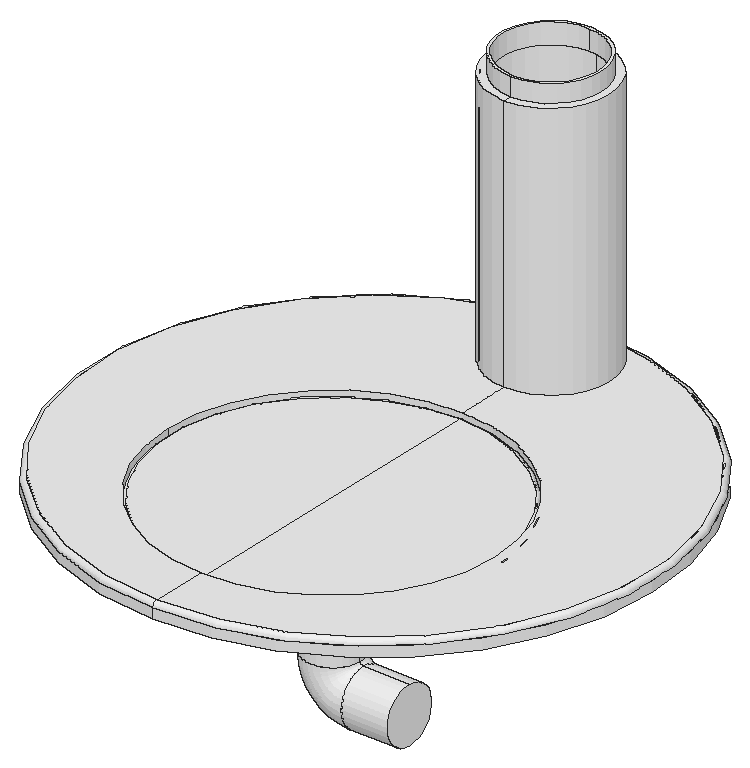
Revit family "HydroTap_Accessory_ZipUK_Font", category Plumbing Fixtures, Revit 2018
Family settings
  Round Connector Dimension = Use Diameter
  Part Type = Normal
  OmniClass Number = 23.21.21.25
  OmniClass Title = Commercial Food and Beverage Dispensing Equipment
  Work Plane-Based = Yes
  Always vertical = Yes
  Cut with Voids When Loaded = No
  Shared = No
  Room Calculation Point = No
Parameters (values of type "Bright Chrome (90915UK)")
  Waste Connection = yes
  Vent Connection = no
  Uniclass2015Version = "Products v1.17"
  Uniclass2015Title = "Instant boiling and cold water taps"
  Uniclass2015Code = "Pr_40_70_23_42"
  URL = "https://www.zipwater.co.uk/"
  Type Comments = "Bright Chrome Finish"
  SustainabilityPerformance = "n/a"
  Size = "219 x 219 x 179 mm"
  ModifiedIssue = 20210728
  Model = "Z00"
  ManufacturerURLProductSpecific = "https://specify.zipwater.co.uk/our-ranges/hydrotap"
  ManufacturerSpecCode = "90915UK"
  ManufacturerOverallWidth = 218.5 mm  # constant formula
  ManufacturerOverallHeight = 179.4 mm  # constant formula
  ManufacturerOverallDepth = 218.5 mm  # constant formula
  ManufacturerHeightFromFFL [instance] = 0 mm
  Manufacturer = "Zip Water UK"
  IfcExportType = "NOTDEFINED"
  IfcExportAs = "IfcWasteTerminal"
  HW Connection = no
  Grade = "Commercial"
  FixtureMaterial = Metal_BrightChrome_Zip
  Description = "Integrated Tap Font for HydroTap"
  Default Elevation = 0 mm
  CreatedBy = "IGS BIM Solutions"  # constant formula
  CreatedByURL = "https://igsgroup.com.au"
  Color = "Bright Chrome"
  CodePerformance = "n/a"
  CW Connection = no
  AssetType = "Fixed"
  AccessibilityPerformance = "n/a"
Reference planes
  plane 1 "Ref. Level": z = 0
  plane 2 "Center (Left/Right)": x = 1
  plane 3 "Right": x = 110.25
  plane 4 "Left": x = -108.25
  plane 5 "Bottom": z = -72.4
  plane 6 "Top": z = 107
  plane 7 "Back": y = 124.25
  plane 8 "Center (Front/Back)": y = 15
  plane 9 "Front": y = -94.25
  plane 10 "Top of benchtop": z = 0
  plane 11 "Center of Tap": y = 101.25
  plane 12: z = -10.355
  plane 13: z = -9.304
  plane 14: z = -12.227
  plane 15: z = -11.435
Forms (mm)
  Revolve 1, solid, material "Metal_BrightChrome_Zip" <- "FixtureMaterial", detail levels fine
    sketch origin (1, 0, 0) x (0, 1, 0) y (0, 0, 1)
      loop
        line (124.25, 0) -> (124.25, 3.974)
        arc (124.25, 3.974) -> (123.664, 5.388) -> (122.25, 5.974) r 2
        line (122.25, 5.974) -> (15, 5.974) -> (15, 0) -> (124.25, 0)
      axis (15, 0) -> (15, 5.974)
    angle from 0 to 360
  Revolve 2, solid, material "Metal_BrightChrome_Zip" <- "FixtureMaterial", detail levels fine
    sketch origin (1, -42.762, 0) x (0, 1, 0) y (0, 0, 1)
      loop
        line (36.06, 4.25) -> (36.06, 1.75) -> (99.283, 1.75)
        arc (99.283, 1.75) -> (100.533, 3) -> (99.283, 4.25) r 1.25
        line (99.283, 4.25) -> (36.06, 4.25)
      axis (36.06, 1.75) -> (36.06, 4.25)
    angle from 0 to 360
  Extrusion 3, void
    sketch origin (0, 0, -72.4) x (-1, 0, 0) y (0, -1, 0)
      loop
        circle (-1, 6.368) r 64.47
    from 82.937 to 73.88
  Extrusion 4, void
    sketch origin (0, 0, -72.4) x (-1, 0, 0) y (0, -1, 0)
      loop
        circle (-1, -101.25) r 22
    from 70.539 to 79.039
  Revolve 5, solid, material "Metal_BrightChrome_Zip" <- "FixtureMaterial", detail levels fine
    sketch origin (1, 0.312, 0) x (0, 1, 0) y (0, 0, 1)
      loop
        line (123.937, 107) -> (120.759, 107) -> (120.759, 114) -> (119.759, 114) -> (119.759, 106) -> (122.937, 106) -> (122.937, 5.975) -> (123.937, 5.975) -> (123.937, 107)
      axis (100.937, 5.975) -> (100.937, 114)
    angle from 0 to 360
  Sweep 6, solid, material "Metal_BrightChrome_Zip" <- "FixtureMaterial", detail levels fine
    path origin (-4.83, 15, 0) x (-1, 0, 0) y (0, 0, 1)
      loop
        line (-35.982, -61.914) -> (-17.758, -61.914)
        arc (-17.758, -61.914) -> (-9.272, -58.399) -> (-5.758, -49.914) r 12
        line (-5.758, -49.914) -> (-5.758, -21.23)
    profile origin (22.04, 15, -61.914) x (0, 0, 1) y (0, 1, 0)
      loop
        circle (0, -20.891) r 10.75
  Extrusion 7, solid, material "Metal_BrightChrome_Zip" <- "FixtureMaterial", detail levels fine
    sketch origin (0, 0, -72.4) x (-1, 0, 0) y (0, -1, 0)
      loop
        line (-9.925, -10.009) -> (8.07, -10.009) -> (17.196, 5.506) -> (8.07, 21.021) -> (-9.925, 21.021) -> (-19.051, 5.506) -> (-9.925, -10.009)
    from 51.17 to 60.17
  Revolve 8, solid, material "Metal_BrightChrome_Zip" <- "FixtureMaterial", detail levels fine
    sketch origin (1, 0, 0) x (0, 1, 0) y (0, 0, 1)
      loop
        line (-5, 0) -> (-56.63, 0)
        arc (-56.63, 0) -> (-42.539, -5.963) -> (-27.608, -9.304) r 85.044
        arc (-27.608, -9.304) -> (-26.887, -9.65) -> (-26.509, -10.355) r 1.285
        line (-26.509, -10.355) -> (-26.319, -11.435)
        arc (-26.319, -11.435) -> (-25.991, -12.003) -> (-25.375, -12.227) r 0.959
        line (-25.375, -12.227) -> (-5, -12.227) -> (-5, 0)
      axis (-5, 0) -> (-5, -12.227)
    angle from 0 to 360
  Extrusion 9, solid, material "Metal_BrightChrome_Zip" <- "FixtureMaterial", detail levels coarse+medium
    sketch origin (0, 0, 0) x (-1, 0, 0) y (0, -1, 0)
      loop
        circle (-1, -15) r 109.25
    from 0 to 5.974
  Extrusion 10, solid, material "Metal_BrightChrome_Zip" <- "FixtureMaterial", detail levels coarse+medium
    sketch origin (0, 0, 0) x (-1, 0, 0) y (0, -1, 0)
      loop
        circle (-1, -101.25) r 23
    from 0 to 107
Cuts and joins
  Extrusion 3, Extrusion 4 cuts Revolve 1
Lines and regions (mm)
  Masking region 1
    outline origin (0, 0, 0) x (1, 0, 0) y (0, 1, 0)
      loop
        circle (1, 15) r 109.25
  symbolic lines, style "Taps/Mixers", detail levels medium+fine
    curve 1: circle (1, -6.368, 107) r 64.47 normal (0, 0, 1)
  model lines, style "Taps/Mixers"
    curve 2: circle (1, -6.368, 5.974) r 64.47 normal (0, 0, 1)
Text (mm)
  text "Disclaimer:\nDue to ongoing product development and manufacturing evolution, product details are subject to change without notice. Please refer to product technical data sheets on the manufacturers website for the most current product information. Please allow a +/- 5mm manufacturing tolerance for dimensions and set-outs shown in product literature." at (425.556, 214.522, 0), in view "Ref. Level_Instruction"
Dimensions and locks
  "ManufacturerOverallWidth": plane 4 "Left" to plane 3 "Right"
  "ManufacturerOverallDepth": plane 7 "Back" to plane 9 "Front"
  equal spacing: plane 4 "Left", plane 2 "Center (Left/Right)", plane 3 "Right"
  equal spacing: plane 7 "Back", plane 8 "Center (Front/Back)", plane 9 "Front"
  "ManufacturerOverallHeight": plane 6 "Top" to plane 5 "Bottom"
  plane 6 "Top" to plane 10 "Top of benchtop" = 107 mm
  "ManufacturerHeightFromFFL": plane 10 "Top of benchtop" to plane 1 "Ref. Level"
  plane 7 "Back" to plane 11 "Center of Tap" = 23 mm
  locked: Revolve 1 sketch curve to plane 10 "Top of benchtop" at 5.974
  locked: Revolve 5 sketch curve to plane 10 "Top of benchtop" at 5.975
  Revolve 2 sketch curve to Revolve 2 sketch curve to plane 10 "Top of benchtop" = 2.5 mm locked, 1.75 mm locked
  Sweep 6 sketch curve to Sweep 6 sketch curve to plane 5 "Bottom" = 40.684 mm locked, 10.486 mm locked
  plane 10 "Top of benchtop" to plane 13 to plane 12 to plane 15 to plane 14 = 9.304 mm locked, 1.051 mm locked, 1.08 mm locked, 0.792 mm locked
  aligned and locked: Extrusion 9 to cut or joined group of Revolve 1, Extrusion 3, Extrusion 4
  aligned and locked: plane 6 "Top" to Extrusion 10
  aligned and locked: Revolve 1 sketch curve to plane 10 "Top of benchtop"
  aligned and locked: Revolve 8 sketch curve to plane 10 "Top of benchtop"
  aligned and locked: plane 12 to Revolve 8 sketch curve
  aligned and locked: plane 13 to Revolve 8 sketch curve
  aligned and locked: plane 15 to Revolve 8 sketch curve
Automatic sketch dimensions
  Revolve 2 sketch curve to plane 10 "Top of benchtop" = 0 mm
  Revolve 2 sketch curve to plane 8 "Center (Front/Back)" = 21.702 mm
  Revolve 2 sketch curve to plane 7 "Back" = 67.729 mm
  Revolve 2 sketch curve to Revolve 2 sketch curve = 0 mm
  Revolve 2 sketch curve to Revolve 2 sketch curve = 19.522 mm
  Extrusion 3 sketch curve to plane 2 "Center (Left/Right)" = 0 mm
  Extrusion 3 sketch curve to plane 8 "Center (Front/Back)" = 21.368 mm
  Sweep 6 sketch curve to plane 8 "Center (Front/Back)" = 20.891 mm
  profile plane to Sweep 6 sketch curve = 0 mm
  plane 2 "Center (Left/Right)" to Extrusion 7 sketch curve = 18.051 mm
  plane 2 "Center (Left/Right)" to Extrusion 7 sketch curve = 8.925 mm  (x2)
  Extrusion 7 sketch curve to plane 2 "Center (Left/Right)" = 9.07 mm  (x2)
  Extrusion 7 sketch curve to Extrusion 7 sketch curve = 9.126 mm
  Extrusion 7 sketch curve to plane 8 "Center (Front/Back)" = 4.991 mm
  Extrusion 7 sketch curve to Extrusion 7 sketch curve = 15.515 mm  (x3)
  Masking region 1 sketch curve to plane 2 "Center (Left/Right)" = 0 mm
  Masking region 1 sketch curve to plane 8 "Center (Front/Back)" = 0 mm
  curve 1 to plane 2 "Center (Left/Right)" = 0 mm
  curve 1 to plane 8 "Center (Front/Back)" = 21.368 mm
  plane 2 "Center (Left/Right)" to Sweep 6 sketch curve = 11.928 mm
  Sweep 6 sketch curve to plane 2 "Center (Left/Right)" = 0.072 mm
  Sweep 6 sketch curve to Sweep 6 sketch curve = 18.224 mm
  Extrusion 9 sketch curve to plane 2 "Center (Left/Right)" = 0 mm
  Extrusion 9 sketch curve to plane 8 "Center (Front/Back)" = 0 mm
  Extrusion 4 sketch curve to plane 2 "Center (Left/Right)" = 0 mm
  Extrusion 4 sketch curve to plane 7 "Back" = 23 mm
  Extrusion 10 sketch curve to plane 2 "Center (Left/Right)" = 0 mm
  Extrusion 10 sketch curve to plane 7 "Back" = 23 mm
  Revolve 1 sketch curve to plane 8 "Center (Front/Back)" = 0 mm  (x2)
  Revolve 1 sketch curve to plane 7 "Back" = 0 mm
  Revolve 1 sketch curve to plane 7 "Back" = 2 mm
  Revolve 1 sketch curve to Revolve 1 sketch curve = 1.019 mm
  Revolve 1 sketch curve to Revolve 1 sketch curve = 19.449 mm
  Revolve 5 sketch curve to plane 11 "Center of Tap" = 0 mm
  Revolve 5 sketch curve to plane 6 "Top" = 0 mm
  Revolve 5 sketch curve to plane 7 "Back" = 4.178 mm
  Revolve 5 sketch curve to Revolve 5 sketch curve = 1 mm
  Revolve 5 sketch curve to plane 7 "Back" = 1 mm
  Revolve 5 sketch curve to plane 7 "Back" = 0 mm
  Revolve 5 sketch curve to plane 6 "Top" = 1 mm
  plane 6 "Top" to Revolve 5 sketch curve = 7 mm
  level to Revolve 5 sketch curve = 0.174 mm
  Revolve 5 sketch curve to Revolve 5 sketch curve = 61.939 mm
  Revolve 8 sketch curve to plane 13 = 0 mm
  Revolve 8 sketch curve to plane 14 = 0 mm
  plane 9 "Front" to Revolve 8 sketch curve = 37.62 mm
  Revolve 8 sketch curve to plane 12 = 0.223 mm
  Revolve 8 sketch curve to Revolve 8 sketch curve = 28.855 mm
  Revolve 8 sketch curve to Revolve 8 sketch curve = 1.265 mm
  Revolve 8 sketch curve to Revolve 8 sketch curve = 0.19 mm
  Revolve 8 sketch curve to Revolve 8 sketch curve = 0.944 mm
  Revolve 8 sketch curve to plane 8 "Center (Front/Back)" = 20 mm  (x2)
  Revolve 8 sketch curve to plane 5 "Bottom" = 4.83 mm
  level to Revolve 8 sketch curve = 32.82 mm
  radius of Extrusion 3 sketch curve = 64.47 mm
  radius of Sweep 6 sketch curve = 10.75 mm
  radius of Masking region 1 sketch curve = 109.25 mm
  radius of curve 1 = 64.47 mm
  radius of Extrusion 9 sketch curve = 109.25 mm
  radius of Extrusion 4 sketch curve = 22 mm
  radius of Extrusion 10 sketch curve = 23 mm
  radius of curve 2 = 64.47 mm
